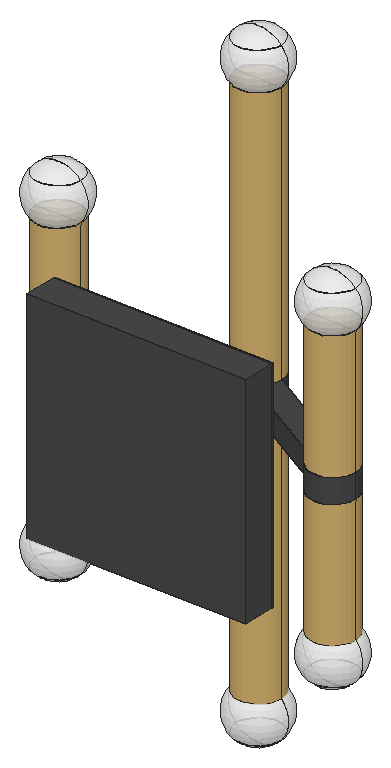
Revit family "Nero Sconce 3-584-xx", category Luminarias, Revit 2021
Family settings
  Anfitrión = Muro
  Cota de conector redondo = Diámetro de uso
  Tipo de pieza = Normal
  Número OmniClass = 23.80.70.00
  Título OmniClass = Lighting
  Siempre vertical = Sí
  Corte con vacíos al cargar = No
  Origen de luz = Sí
  Compartido = No
  Punto de cálculo de habitación = No
Parameters (values of type "3-584-1540 / Black - White Frost Glass")
  Metal Finish 2 = 40 - Aged Brass
  Comentarios de vataje = "16.14W at 120V"  # constant formula
  Wattage = 16.14 W
  built-in parameter 1150110 = 1 (stored number, unit not read)
  Voltage Input = "120 V or 277 V - 50/60 Hz"  # constant formula
  Voltage = 120 V
  URL = "www.oxygenlighting.com"
  built-in parameter 1114217 = 1 (stored number, unit not read)
  Tilt Angle = 0.00°
  built-in parameter 1150109 = 1 (stored number, unit not read)
  built-in parameter 1150134 = (empty or 0)
  built-in parameter 1150113 = 1 (stored number, unit not read)
  References = "Ref. 3 = 120 V / Ref. 37 = 277 V"  # constant formula
  Archivo de red fotométrica = "3-584-1540 Nero Sconce.ies"
  Modelo = "3-584-xx Nero Wall Lantern"  # constant formula
  Metal Finish = 15 - Black
  Fabricante = "Oxygen - Lighting & Fans"  # constant formula
  Main Diffuser = White Frost Glass
  Lumens = 366.378 lm
  built-in parameter 1150115 = 1 (stored number, unit not read)
  built-in parameter 1150105 = 29.155 (stored number, unit not read)
  built-in parameter 1150137 = (empty or 0)
  built-in parameter 1150139 = (empty or 0)
  built-in parameter 1150112 = 1 (stored number, unit not read)
  built-in parameter 1150114 = 1 (stored number, unit not read)
  Lámpara = "LED array"  # constant formula
  built-in parameter 1150132 = (empty or 0)
  built-in parameter 1150102 = (empty or 0)
  built-in parameter 1150138 = (empty or 0)
  built-in parameter 1150107 = 3000 (stored number, unit not read)
  built-in parameter 1150106 = 0.29155 (stored number, unit not read)
  built-in parameter 1150104 = 2.1089 (stored number, unit not read)
  Dimming Lamp Color Temperature Shift = (empty or 0)
  Default Elevation = 0.00"
  Color Filter = 16777215
  built-in parameter 1114218 = 1 (stored number, unit not read)
  built-in parameter 1150133 = 10 (stored number, unit not read)
Reference planes (in)
  plane 1: y = 0
  plane 2 "Light Source Axis (F/B)": y = 4.01601
  plane 3 "Light Source Axis (L/R)": x = -1.43133
  plane 4 "Light Source Elevation": z = 35.00847
  plane 5 "Wall Face": y = 3
Text (in)
  text "Placement Side" at (0, 40.15149, 123.01588), in view "Right"
  text "Placement Side" at (-70.3804, 56.61594, 0), in view "Ref. Level"
  text "Placement Side" at (0, 47.49176, 140.59947), in view "Left"
Dimensions and locks (in)
  aligned and locked: plane 5 "Wall Face" to host wall
  aligned and locked: nested 1 to plane 3 "Light Source Axis (L/R)"
  aligned and locked: plane 2 "Light Source Axis (F/B)" to imposter light
  aligned and locked: nested 1 to plane 5 "Wall Face"
  aligned and locked: plane 4 "Light Source Elevation" to nested 1
Nested families (in)
  nested 1: "Family2" at (-1.43133, 3, 35.26437) x (-1, 0, 0) z (0, 0, 1), type "Family2"
Definition of nested family "Family2"
  Parameters (values of type "Family2")
    Metal Finish 2 = none
    Metal Finish = none
    Diffuser Material = none
    Default Elevation = 0.00"
  Reference planes (in)
    plane 1 "Center (Front/Back)": y = 0
    plane 2 "Axis": z = 0
    plane 3 "Center (Left/Right)": x = 0
    plane 4: z = 2.99213
    plane 5: z = -2.99213
    plane 6: z = 5.90551
    plane 7: z = -5.90551
  Forms (in)
    Extrusion 1, solid, material <- "Metal Finish"
      sketch origin (0, 0, 0) x (0, 1, 0) y (0, 0, 1)
        loop
          line (0, -2.3622) -> (0, 2.3622) -> (-0.70866, 2.3622)
          arc (-0.70866, 2.3622) -> (-0.76434, 2.33914) -> (-0.7874, 2.28346) r 0.07874
          line (-0.7874, 2.28346) -> (-0.7874, -2.28346)
          arc (-0.7874, -2.28346) -> (-0.76434, -2.33914) -> (-0.70866, -2.3622) r 0.07874
          line (-0.70866, -2.3622) -> (0, -2.3622)
      from -2.3622 to 2.3622
    Extrusion 2, void
      sketch origin (0, 0, 0) x (1, 0, 0) y (0, 1, 0)
        loop
          line (-2.3622, -0.70866) -> (-2.3622, -0.7874) -> (-2.28346, -0.7874)
          arc (-2.28346, -0.7874) -> (-2.33914, -0.76434) -> (-2.3622, -0.70866) r 0.07874
        loop
          arc (2.3622, -0.70866) -> (2.33914, -0.76434) -> (2.28346, -0.7874) r 0.07874
          line (2.28346, -0.7874) -> (2.3622, -0.7874) -> (2.3622, -0.70866)
      from -2.3622 to 2.3622
    Revolve 3, solid, material <- "Metal Finish 2"
      sketch origin (0, -1.59941, 0) x (1, 0, 0) y (0, 0, 1)
        loop
          line (-3.45741, 2.99213) -> (-3.45741, 0.26396) -> (-2.96528, 0.26396) -> (-2.96528, 2.99213) -> (-3.45741, 2.99213)
        axis (-2.96528, 0.26396) -> (-2.96528, 2.99213)
      angle from 0 to 360
    Revolve 4, solid, material <- "Diffuser Material"
      sketch origin (0, -1.59941, 0.26303) x (1, 0, 0) y (0, 0, 1)
        loop
          line (-3.45741, 2.7291) -> (-2.96528, 2.7291) -> (-2.96528, 3.75352)
          arc (-2.96528, 3.75352) -> (-3.23439, 3.70837) -> (-3.45741, 3.55114) r 0.61442
          arc (-3.45741, 3.55114) -> (-3.61512, 3.14012) -> (-3.45741, 2.7291) r 0.61442
        axis (-2.96528, 2.7291) -> (-2.96528, 3.75352)
      angle from 0 to 360
    Revolve 5, solid, material <- "Metal Finish 2"
      sketch origin (0, -1.59941, 0) x (1, 0, 0) y (0, 0, -1)
        loop
          line (-3.45741, 2.99213) -> (-3.45741, 0.26396) -> (-2.96528, 0.26396) -> (-2.96528, 2.99213) -> (-3.45741, 2.99213)
        axis (-2.96528, 0.26396) -> (-2.96528, 2.99213)
      angle from 0 to 360
    Revolve 6, solid, material <- "Diffuser Material"
      sketch origin (0, -1.59941, -0.26303) x (1, 0, 0) y (0, 0, -1)
        loop
          line (-3.45741, 2.7291) -> (-2.96528, 2.7291) -> (-2.96528, 3.75352)
          arc (-2.96528, 3.75352) -> (-3.23439, 3.70837) -> (-3.45741, 3.55114) r 0.61442
          arc (-3.45741, 3.55114) -> (-3.61512, 3.14012) -> (-3.45741, 2.7291) r 0.61442
        axis (-2.96528, 2.7291) -> (-2.96528, 3.75352)
      angle from 0 to 360
    Revolve 7, solid, material <- "Diffuser Material"
      sketch origin (2.96528, -3.29564, 3.17641) x (1, 0, 0) y (0, 0, 1)
        loop
          line (-3.45741, 2.7291) -> (-2.96528, 2.7291) -> (-2.96528, 3.75352)
          arc (-2.96528, 3.75352) -> (-3.23439, 3.70837) -> (-3.45741, 3.55114) r 0.61442
          arc (-3.45741, 3.55114) -> (-3.61512, 3.14012) -> (-3.45741, 2.7291) r 0.61442
        axis (-2.96528, 2.7291) -> (-2.96528, 3.75352)
      angle from 0 to 360
    Revolve 8, solid, material <- "Metal Finish 2"
      sketch origin (2.96528, -3.29564, 0) x (1, 0, 0) y (0, 0, 1)
        loop
          line (-3.45741, 5.90551) -> (-3.45741, 0.26396) -> (-2.96528, 0.26396) -> (-2.96528, 5.90551) -> (-3.45741, 5.90551)
        axis (-2.96528, 0.26396) -> (-2.96528, 5.90551)
      angle from 0 to 360
    Revolve 9, solid, material <- "Diffuser Material"
      sketch origin (2.96528, -3.29564, -3.17641) x (1, 0, 0) y (0, 0, 1)
        loop
          arc (-3.45741, -2.7291) -> (-3.61512, -3.14012) -> (-3.45741, -3.55114) r 0.61442
          arc (-3.45741, -3.55114) -> (-3.23439, -3.70837) -> (-2.96528, -3.75352) r 0.61442
          line (-2.96528, -3.75352) -> (-2.96528, -2.7291) -> (-3.45741, -2.7291)
        axis (-2.96528, -2.7291) -> (-2.96528, -3.75352)
      angle from 0 to 360
    Revolve 10, solid, material <- "Metal Finish 2"
      sketch origin (2.96528, -3.29564, 0) x (1, 0, 0) y (0, 0, 1)
        loop
          line (-3.45741, -5.90551) -> (-2.96528, -5.90551) -> (-2.96528, -0.26396) -> (-3.45741, -0.26396) -> (-3.45741, -5.90551)
        axis (-2.96528, -0.26396) -> (-2.96528, -5.90551)
      angle from 0 to 360
    Revolve 11, solid, material <- "Metal Finish 2"
      sketch origin (0, -1.59941, 0) x (-1, 0, 0) y (0, 0, -1)
        loop
          line (-3.45741, -2.99213) -> (-2.96528, -2.99213) -> (-2.96528, -0.26396) -> (-3.45741, -0.26396) -> (-3.45741, -2.99213)
        axis (-2.96528, -0.26396) -> (-2.96528, -2.99213)
      angle from 0 to 360
    Revolve 12, solid, material <- "Diffuser Material"
      sketch origin (0, -1.59941, 0.26303) x (-1, 0, 0) y (0, 0, -1)
        loop
          arc (-3.45741, -2.7291) -> (-3.61512, -3.14012) -> (-3.45741, -3.55114) r 0.61442
          arc (-3.45741, -3.55114) -> (-3.23439, -3.70837) -> (-2.96528, -3.75352) r 0.61442
          line (-2.96528, -3.75352) -> (-2.96528, -2.7291) -> (-3.45741, -2.7291)
        axis (-2.96528, -2.7291) -> (-2.96528, -3.75352)
      angle from 0 to 360
    Revolve 13, solid, material <- "Metal Finish 2"
      sketch origin (0, -1.59941, 0) x (-1, 0, 0) y (0, 0, -1)
        loop
          line (-3.45741, 2.99213) -> (-3.45741, 0.26396) -> (-2.96528, 0.26396) -> (-2.96528, 2.99213) -> (-3.45741, 2.99213)
        axis (-2.96528, 0.26396) -> (-2.96528, 2.99213)
      angle from 0 to 360
    Revolve 14, solid, material <- "Diffuser Material"
      sketch origin (0, -1.59941, -0.26303) x (-1, 0, 0) y (0, 0, -1)
        loop
          line (-3.45741, 2.7291) -> (-2.96528, 2.7291) -> (-2.96528, 3.75352)
          arc (-2.96528, 3.75352) -> (-3.23439, 3.70837) -> (-3.45741, 3.55114) r 0.61442
          arc (-3.45741, 3.55114) -> (-3.61512, 3.14012) -> (-3.45741, 2.7291) r 0.61442
        axis (-2.96528, 2.7291) -> (-2.96528, 3.75352)
      angle from 0 to 360
    Extrusion 15, solid, material <- "Metal Finish"
      sketch origin (0, 0, 0) x (1, 0, 0) y (0, 1, 0)
        loop
          line (-0.25591, -2.85444) -> (-2.47334, -1.586)
          arc (-2.47334, -1.586) -> (-2.97199, -1.10733) -> (-3.45741, -1.59941) r 0.49213
          arc (-3.45741, -1.59941) -> (-3.21544, -2.02321) -> (-2.72747, -2.03026) r 0.49213
          line (-2.72747, -2.03026) -> (-0.49194, -3.30905)
          arc (-0.49194, -3.30905) -> (0, -3.78777) -> (0.49194, -3.30905) r 0.49213
          line (0.49194, -3.30905) -> (2.72747, -2.03026)
          arc (2.72747, -2.03026) -> (3.21544, -2.02321) -> (3.45741, -1.59941) r 0.49213
          arc (3.45741, -1.59941) -> (2.97199, -1.10733) -> (2.47334, -1.586) r 0.49213
          line (2.47334, -1.586) -> (0.25591, -2.85444) -> (0.25591, -0.7874) -> (-0.25591, -0.7874) -> (-0.25591, -2.85444)
      from -0.25591 to 0.25591
  Cuts and joins
    Extrusion 2 cuts Extrusion 1
  Dimensions and locks (in)
    aligned and locked: level to plane 2 "Axis"
